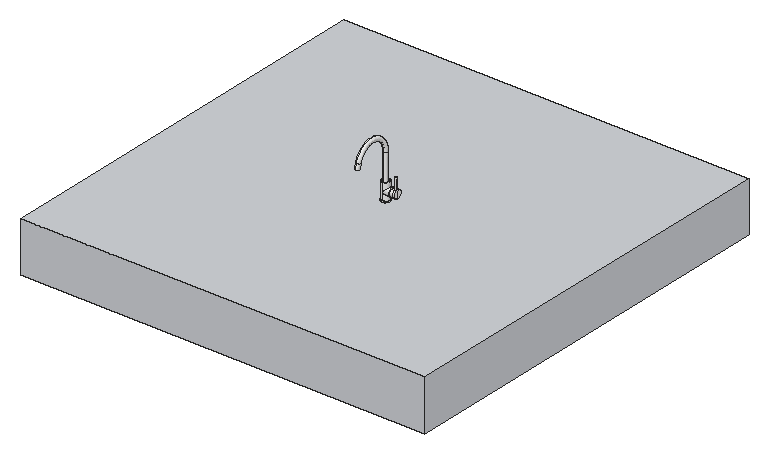
Revit family "Mixer-Sink-Stylus Blaze Pin", category Plumbing Fixtures, host Face, Revit 2014
Parameters (values of type "Chrome")
  Waste Connection = no
  WELSRating_ANZRS = "4 Star"  # constant formula
  Vent Connection = no
  URL = "http://specify.caroma.com.au/"
  Type Comments = "Stylus Blaze Pin Sink Mixer"  # constant formula
  ModifiedIssue_ANZRS = 20161110.54  # constant formula
  Model = "632205C4A"  # constant formula
  Material_ANZRS = Metal-Chrome-Caroma
  Manufacturer = "GWA Bathrooms&Kitchens"  # constant formula
  Keynote = ""
  HWFU = 0
  HW Connection = yes
  Description = ""
  Default Elevation = 1000 mm
  CreatedBy_ANZRS = "Design Content"  # constant formula
  CreatedByURL_ANZRS = "http://www.designcontent.com.au"
  Cost = 0
  ConnectorDiameter = 20 mm
  CWFU = 0
  CW Connection = yes
  Assembly Code = "D2020300"
Reference planes
  plane 1 "Center (Front/Back)": y = 0
  plane 2: z = 0
  plane 3 "Center (Left/Right)": x = 0
Forms (mm)
  Extrusion 1, solid
    sketch origin (-11.577, 5.133, 0) x (1, 0, 0) y (0, 1, 0)
      loop
        line (-1219.2, 1219.2) -> (-1219.2, -1219.2) -> (1219.2, -1219.2) -> (1219.2, 1219.2) -> (-1219.2, 1219.2)
    from 0 to -304.8
  Revolve 2, solid, material "Metal-Chrome-Caroma" <- "Material_ANZRS"
    sketch origin (0.007, 58.962, 1219.2) x (0, 1, 0) y (0, 0, 1)
      loop
        line (-81.462, -1214.2) -> (-83.461, -1214.2)
        arc (-83.461, -1214.2) -> (-83.816, -1214.347) -> (-83.962, -1214.701) r 0.501
        line (-83.962, -1214.701) -> (-83.962, -1219.2) -> (-68.962, -1219.2) -> (-68.962, -1239.2) -> (-58.962, -1239.2) -> (-58.962, -1114.2) -> (-80.965, -1114.2)
        arc (-80.965, -1114.2) -> (-81.317, -1114.346) -> (-81.462, -1114.697) r 0.497
        line (-81.462, -1114.697) -> (-81.462, -1214.2)
      axis (-58.962, -1239.2) -> (-58.962, -1114.2)
    angle from 0 to 360
  Revolve 3, solid, material "Metal-Chrome-Caroma" <- "Material_ANZRS"
    sketch origin (0.35, -0.008, 0.551) x (1, 0, 0) y (0, 0, 1)
      loop
        line (3.125, 76.832) -> (3.125, 54.348) -> (71.996, 54.348) -> (72.074, 76.827) -> (63.391, 76.801) -> (43.85, 76.825) -> (43.85, 73.811) -> (40.15, 74.375) -> (40.15, 76.352)
        arc (40.15, 76.352) -> (39.996, 76.722) -> (39.626, 76.875) r 0.523
        line (39.626, 76.875) -> (3.125, 76.832)
      axis (3.125, 54.348) -> (72.074, 54.348)
    angle from 0 to 360
  Revolve 4, solid, material "Metal-Chrome-Caroma" <- "Material_ANZRS"
    sketch origin (0.35, -0.022, 0) x (1, 0, 0) y (0, 0, 1)
      loop
        line (56.349, 74.399) -> (61.332, 74.399) -> (61.332, 140.95) -> (56.304, 140.95) -> (56.349, 74.399)
      axis (61.332, 74.399) -> (61.332, 140.95)
    angle from 0 to 360
  Sweep 5, solid, material "Metal-Chrome-Caroma" <- "Material_ANZRS"
    path origin (0.187, 58.962, 1218.896) x (0, 1, 0) y (0, 0, 1)
      loop
        line (-58.988, -1113.896) -> (-58.988, -955)
        arc (-58.988, -955) -> (-148.914, -852.468) -> (-262.301, -928.251) r 103.416
        line (-262.301, -928.251) -> (-271.048, -960.896)
    profile origin (0.187, -89.952, 366.429) x (0, -0.130443, -0.991456) y (1, 0, 0)
      loop
        circle (0, 0) r 12
Cuts and joins
  joined: Revolve 2, Revolve 3, Revolve 4
Lines and regions (mm)
  Masking region 1
    outline origin (0, 0, 0) x (1, 0, 0) y (0, 1, 0)
      loop
        line (72.424, -22.456) -> (72.424, 22.47) -> (44.2, 22.47) -> (44.2, 19.455) -> (40.5, 20.019) -> (40.5, 22.47) -> (10.965, 22.47)
        arc (10.965, 22.47) -> (5.63, 24.359) -> (0.007, 25) r 25
        arc (0.007, 25) -> (-24.233, 6.115) -> (-11.851, -22.009) r 25
        line (-11.851, -22.009) -> (-11.851, -211.678)
        spline (-11.851, -211.678) -> (-11.71, -213.244) -> (-11.404, -214.784) -> (-10.9, -216.27) -> (-10.205, -217.678) -> (-9.333, -218.983) -> (-8.298, -220.163) -> (-7.118, -221.197) -> (-5.813, -222.069) -> (-4.405, -222.764) -> (-2.919, -223.268) -> (-1.379, -223.574) -> (0.187, -223.677)
        spline (0.187, -223.677) -> (1.653, -223.587) -> (3.097, -223.319) -> (4.497, -222.876) -> (5.833, -222.266) -> (7.085, -221.497) -> (8.233, -220.58) -> (9.26, -219.531) -> (10.152, -218.364) -> (10.894, -217.096) -> (11.476, -215.748) -> (11.888, -214.339) -> (12.126, -212.889)
        line (12.126, -212.889) -> (12.126, -22.502) -> (40.5, -22.502) -> (40.5, -20.034) -> (44.2, -19.471) -> (44.2, -22.456) -> (72.424, -22.456)
  Masking region 2
    outline origin (-54.453, 286.591, 1219.2) x (-1, 0, 0) y (0, 0, 1)
      loop
        line (-31.961, -1214.2) -> (-31.961, -1114.2) -> (-42.649, -1114.2) -> (-42.649, -851.87)
        arc (-42.649, -851.87) -> (-54.649, -839.87) -> (-66.649, -851.87) r 12
        line (-66.649, -851.87) -> (-66.649, -1114.2) -> (-76.961, -1114.2) -> (-76.961, -1141.742) -> (-94.953, -1141.742) -> (-94.953, -1144.274) -> (-98.653, -1144.838) -> (-98.653, -1141.853) -> (-111.103, -1141.853) -> (-111.103, -1078.25) -> (-121.171, -1078.25) -> (-121.171, -1141.839) -> (-126.877, -1141.839) -> (-126.877, -1186.779) -> (-98.653, -1186.779) -> (-98.653, -1183.764) -> (-94.953, -1184.328) -> (-94.953, -1186.779) -> (-76.961, -1186.779) -> (-76.961, -1214.2) -> (-79.464, -1214.2) -> (-79.464, -1219.2) -> (-57.676, -1219.2) -> (-29.461, -1219.2) -> (-29.461, -1214.2) -> (-31.961, -1214.2)
  Masking region 3
    outline origin (0, 0, 0) x (0, 1, 0) y (0, 0, 1)
      loop
        line (-22.5, 5) -> (-25, 5) -> (-25, 0) -> (-1.143, 0) -> (25, 0) -> (25, 5) -> (22.5, 5) -> (22.5, 105) -> (11.973, 105) -> (11.973, 263.854)
        arc (11.973, 263.854) -> (-88.367, 378.27) -> (-214.935, 293.732) r 115.403
        line (-214.935, 293.732) -> (-223.677, 261.106) -> (-200.495, 254.894) -> (-191.19, 289.618)
        arc (-191.19, 289.618) -> (-90.434, 354.35) -> (-12.014, 263.839) r 91.443
        line (-12.014, 263.839) -> (-12.014, 105) -> (-22.5, 105) -> (-22.5, 5)
  symbolic lines
    curve 1: arc (-11.851, -19.122, 0) -> (-21.632, 6.165, 0) -> (0.007, 22.5, 0) r 22.5
    curve 2: arc (0.007, 22.5, 0) -> (21.592, 6.353, 0) -> (12.197, -18.912, 0) r 22.5
    curve 3: arc (12.149, -0.026, 0) -> (8.635, 8.459, 0) -> (0.149, 11.974, 0) r 12
    curve 4: arc (0.149, 11.974, 0) -> (-8.336, 8.459, 0) -> (-11.851, -0.026, 0) r 12
    curve 5: line (-11.851, -0.026, 0) -> (-11.851, -22.094, 0)
    curve 6: line (12.197, -22.544, 0) -> (12.197, -0.026, 0)
    curve 7: line (40.5, -20.034, 0) -> (40.5, 19.966, 0)
    curve 8: line (44.2, 19.455, 0) -> (44.2, -19.471, 0)
    curve 9: arc (66.716, -0.008, 0) -> (61.683, -5.056, 0) -> (56.649, -0.008, 0) r 5.033
    curve 10: arc (56.649, -0.022, 0) -> (61.683, 5.011, 0) -> (66.716, -0.022, 0) r 5.033
    curve 11: line (22.507, 286.591, 5) -> (-22.493, 286.591, 5)
    curve 12: line (-11.805, 286.591, 105) -> (12.195, 286.591, 105)
    curve 13: line (22.507, 286.591, 77.458) -> (3.475, 286.591, 58.426)
    curve 14: line (3.475, 286.591, 58.426) -> (3.475, 286.591, 51.022)
    curve 15: line (3.475, 286.591, 51.022) -> (22.151, 286.591, 32.346)
    curve 16: line (40.5, 286.591, 34.872) -> (40.5, 286.591, 74.926)
    curve 17: line (44.2, 286.591, 35.436) -> (44.2, 286.591, 74.362)
    curve 18: arc (56.649, 286.591, 77.347) -> (61.686, 286.591, 76.492) -> (66.723, 286.591, 77.347) r 15.259
    curve 19: line (62.075, 286.591, 32.581) -> (62.075, 286.591, 76.497)
    curve 20: line (0, -22.5, 5) -> (0, 22.5, 5)
    curve 21: line (0, 11.973, 105) -> (0, 5.01, 105)
    curve 22: circle (0, -0.008, 54.899) r 22.448 normal (1, 0, 0)
    curve 23: line (0, -5.056, 140.95) -> (0, 5.01, 140.95)
    curve 24: line (0, -5.056, 76.772) -> (0, -5.056, 140.95)
    curve 25: line (0, 5.01, 140.95) -> (0, 5.01, 76.779)
    curve 26: line (0, -5.056, 105) -> (0, -12.025, 105)
    curve 27: spline (0.18, 0, 254.895) -> (3.287, 0, 255) -> (6.182, 0, 255.311) -> (8.669, 0, 255.805) -> (10.577, 0, 256.449) -> (11.776, 0, 257.198) -> (12.185, 0, 258.003) -> (11.776, 0, 258.807) -> (10.577, 0, 259.557) -> (8.669, 0, 260.201) -> (6.182, 0, 260.695) -> (3.287, 0, 261.005) -> (0.18, 0, 261.111) -> (-2.928, 0, 261.005) -> (-5.823, 0, 260.695) -> (-8.31, 0, 260.201) -> (-10.217, 0, 259.557) -> (-11.417, 0, 258.807) -> (-11.826, 0, 258.003) -> (-11.417, 0, 257.198) -> (-10.217, 0, 256.449) -> (-8.31, 0, 255.805) -> (-5.823, 0, 255.311) -> (-2.928, 0, 255) -> (0.18, 0, 254.895)
Dimensions and locks
  aligned and locked: plane 2 to Extrusion 1
  aligned and locked: level to Extrusion 1
Connectors
  piping at (0.007, 0, -20), diameter 20, driven by "ConnectorDiameter"
    settings: on cut or joined group of Revolve 2, Revolve 3, Revolve 4, index 1, connector inside diameter 24", connector length 0 mm, flow factor 0, pipe flow 0 GPM, pressure drop 0.00 psi, fitting loss kfactor 0, connector angle 0.00°, fixture units 0, engagement length 0 mm, angle of deflection 0.00°, flow configuration 3, flow direction 1, fitting loss method 0, system type 20, joint type 0, gender type 0, connector reference index -1, connector utility 0, adjustable connector no, is connector primary yes, connector description "Connector"
